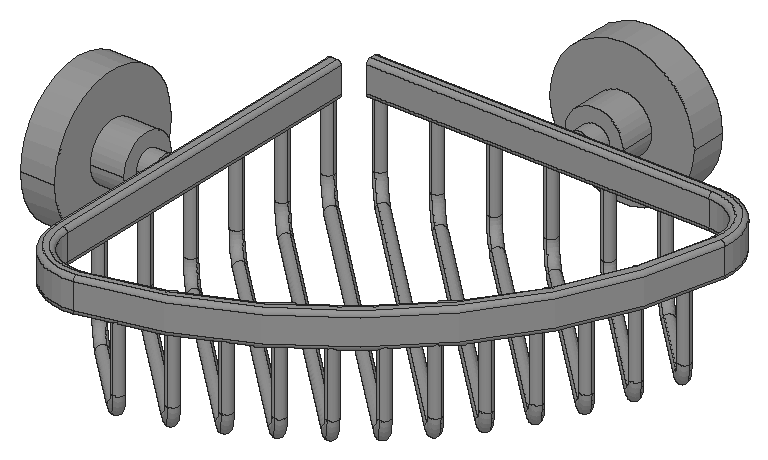
Revit family "Полка для ванной угловая хромированная", category Оборудование, Revit 2017
Family settings
  Размер круглого соединителя = Использовать диаметр
  Тип детали = Нормальный
  На основе рабочей плоскости = Нет
  Всегда вертикально = Да
  При загрузке вырезать с полостями = Нет
  Общий = Нет
  Точка расчета площади = Нет
Parameters (values of type "Тип")
  Ширина = 179.0 mm
  Примечание = ""
  Обозначение = ""
  Наименование = "Harmonie HAR 020"
  Масса = ""
  Код оборудования = ""
  Keynote = ""
  Изготовитель = "Severin"
  Завод = "Artwelle"
  Единицы = "шт."
  Группа модели = "ТХ"  # constant formula
  Глубина = 179.0 mm
  Высота = 62.0 mm
Reference planes
  plane 1 "По центру (Вперед/Назад)": y = 0
  plane 2: z = 0
  plane 3 "По центру (Влево/Вправо)": x = 0
  plane 4: x = 90
  plane 5: x = -90
  plane 6: y = -90
  plane 7: y = 90
  plane 8: y = 60
  plane 9: x = -60
  plane 10: through (-60, 60, 1200) normal (0.7071, 0.7071, 0)
  plane 11: through (-64.95, 55.05, 1200) normal (0.7071, 0.7071, 0)
  plane 12: through (-74.849, 45.151, 1200) normal (0.7071, 0.7071, 0)
  plane 13: through (-84.749, 35.251, 1200) normal (0.7071, 0.7071, 0)
  plane 14: through (-94.648, 25.352, 1200) normal (0.7071, 0.7071, 0)
  plane 15: through (-104.548, 15.452, 1200) normal (0.7071, 0.7071, 0)
  plane 16: through (-114.447, 5.553, 1200) normal (0.7071, 0.7071, 0)
  plane 17: through (37.461, -47.361, 1200) normal (-0.7071, 0.7071, 0)
  plane 18: through (26.6, -56.299, 1200) normal (-0.7071, 0.7071, 0)
  plane 19: through (14.75, -64.247, 1200) normal (-0.7071, 0.7071, 0)
  plane 20: through (1.85, -71.147, 1200) normal (-0.7071, 0.7071, 0)
  plane 21: through (-12.201, -76.895, 1200) normal (-0.7071, 0.7071, 0)
  plane 22: through (-27.568, -81.326, 1200) normal (-0.7071, 0.7071, 0)
  plane 23: x = 37.461
  plane 24: x = 26.6
  plane 25: x = 14.75
  plane 26: x = 1.85
  plane 27: x = -12.201
  plane 28: x = -27.568
  plane 29: z = 32
Forms (mm)
  Extrusion 1, solid, material "Сталь, хромированная", detail levels fine
    sketch origin (-170, 90, 1200) x (-1, 0, 0) y (0, 0, 1)
      loop
        circle (-190, -1163) r 25
    from 0 to -12
  Extrusion 2, solid, material "Сталь, хромированная", detail levels fine
    sketch origin (-170, 90, 1200) x (-1, 0, 0) y (0, 0, 1)
      loop
        circle (-190, -1163) r 10
    from -12 to -24
  Extrusion 3, solid, material "Сталь, хромированная", detail levels fine
    sketch origin (-170, 90, 1200) x (-1, 0, 0) y (0, 0, 1)
      loop
        circle (-190, -1163) r 5
    from -30 to -24
  Extrusion 4, solid, material "Сталь, хромированная", detail levels fine
    sketch origin (-90, 170, 1200) x (0, 1, 0) y (0, 0, -1)
      loop
        circle (-190, 1163) r 25
    from 0 to -12
  Extrusion 5, solid, material "Сталь, хромированная", detail levels fine
    sketch origin (-90, 170, 1200) x (0, 1, 0) y (0, 0, -1)
      loop
        circle (-190, 1163) r 10
    from -12 to -24
  Extrusion 6, solid, material "Сталь, хромированная", detail levels fine
    sketch origin (-90, 170, 1200) x (0, 1, 0) y (0, 0, -1)
      loop
        circle (-190, 1163) r 5
    from -30 to -24
  Sweep 7, solid, material "Сталь, хромированная", detail levels fine
    path origin (-64.95, 55.05, 1200) x (-0.707107, 0.707107, 0) y (0, 0, 1)
      loop
        line (-10.778, -1168) -> (-10.778, -1192)
        arc (-10.778, -1192) -> (-13.121, -1197.657) -> (-18.778, -1200) r 8
        line (-18.778, -1200) -> (-139.326, -1200)
        arc (-139.326, -1200) -> (-144.983, -1197.657) -> (-147.326, -1192) r 8
        line (-147.326, -1192) -> (-147.326, -1168)
    profile origin (-57.328, 47.429, 20) x (0.707107, 0.707107, 0) y (-0.707107, 0.707107, 0)
      loop
        circle (0, 0) r 2
  Sweep 8, solid, material "Сталь, хромированная", detail levels fine
    path origin (-74.849, 45.151, 1200) x (-0.707107, 0.707107, 0) y (0, 0, 1)
      loop
        line (-24.536, -1168) -> (-24.536, -1192)
        arc (-24.536, -1192) -> (-26.879, -1197.657) -> (-32.536, -1200) r 8
        line (-32.536, -1200) -> (-137.809, -1200)
        arc (-137.809, -1200) -> (-143.466, -1197.657) -> (-145.809, -1192) r 8
        line (-145.809, -1192) -> (-145.809, -1168)
    profile origin (-57.5, 27.801, 20) x (0.707107, 0.707107, 0) y (-0.707107, 0.707107, 0)
      loop
        circle (0, 0) r 2
  Sweep 9, solid, material "Сталь, хромированная", detail levels fine
    path origin (-84.749, 35.251, 1200) x (-0.707107, 0.707107, 0) y (0, 0, 1)
      loop
        line (-38.501, -1168) -> (-38.501, -1192)
        arc (-38.501, -1192) -> (-40.844, -1197.657) -> (-46.501, -1200) r 8
        line (-46.501, -1200) -> (-135.059, -1200)
        arc (-135.059, -1200) -> (-140.716, -1197.657) -> (-143.059, -1192) r 8
        line (-143.059, -1192) -> (-143.059, -1168)
    profile origin (-57.524, 8.027, 20) x (0.707107, 0.707107, 0) y (-0.707107, 0.707107, 0)
      loop
        circle (0, 0) r 2
  Sweep 10, solid, material "Сталь, хромированная", detail levels fine
    path origin (-94.648, 25.352, 1200) x (-0.707107, 0.707107, 0) y (0, 0, 1)
      loop
        line (-52.366, -1168) -> (-52.366, -1192)
        arc (-52.366, -1192) -> (-54.71, -1197.657) -> (-60.366, -1200) r 8
        line (-60.366, -1200) -> (-130.891, -1200)
        arc (-130.891, -1200) -> (-136.548, -1197.657) -> (-138.891, -1192) r 8
        line (-138.891, -1192) -> (-138.891, -1168)
    profile origin (-57.62, -11.677, 20) x (0.707107, 0.707107, 0) y (-0.707107, 0.707107, 0)
      loop
        circle (0, 0) r 2
  Sweep 11, solid, material "Сталь, хромированная", detail levels fine
    path origin (-104.548, 15.452, 1200) x (-0.707107, 0.707107, 0) y (0, 0, 1)
      loop
        line (-66.433, -1168) -> (-66.433, -1192)
        arc (-66.433, -1192) -> (-68.776, -1197.657) -> (-74.433, -1200) r 8
        line (-74.433, -1200) -> (-125.433, -1200)
        arc (-125.433, -1200) -> (-131.09, -1197.657) -> (-133.433, -1192) r 8
        line (-133.433, -1192) -> (-133.433, -1168)
    profile origin (-57.573, -31.523, 20) x (0.707107, 0.707107, 0) y (-0.707107, 0.707107, 0)
      loop
        circle (0, 0) r 2
  Sweep 12, solid, material "Сталь, хромированная", detail levels fine
    path origin (-114.447, 5.553, 1200) x (-0.707107, 0.707107, 0) y (0, 0, 1)
      loop
        line (-80.325, -1168) -> (-80.325, -1192)
        arc (-80.325, -1192) -> (-82.668, -1197.657) -> (-88.325, -1200) r 8
        line (-88.325, -1200) -> (-117.644, -1200)
        arc (-117.644, -1200) -> (-123.301, -1197.657) -> (-125.644, -1192) r 8
        line (-125.644, -1192) -> (-125.644, -1168)
    profile origin (-57.649, -51.245, 20) x (0.707107, 0.707107, 0) y (-0.707107, 0.707107, 0)
      loop
        circle (0, 0) r 2
  Sweep 13, solid, material "Сталь, хромированная", detail levels fine
    path origin (-55.05, 64.95, 1200) x (-0.707107, 0.707107, 0) y (0, 0, -1)
      loop
        line (-10.778, 1168) -> (-10.778, 1192)
        arc (-10.778, 1192) -> (-13.121, 1197.657) -> (-18.778, 1200) r 8
        line (-18.778, 1200) -> (-139.326, 1200)
        arc (-139.326, 1200) -> (-144.983, 1197.657) -> (-147.326, 1192) r 8
        line (-147.326, 1192) -> (-147.326, 1168)
    profile origin (-47.429, 57.328, 20) x (-0.707107, -0.707107, 0) y (0.707107, -0.707107, 0)
      loop
        circle (0, 0) r 2
  Sweep 14, solid, material "Сталь, хромированная", detail levels fine
    path origin (-45.151, 74.849, 1200) x (-0.707107, 0.707107, 0) y (0, 0, -1)
      loop
        line (-24.536, 1168) -> (-24.536, 1192)
        arc (-24.536, 1192) -> (-26.879, 1197.657) -> (-32.536, 1200) r 8
        line (-32.536, 1200) -> (-137.809, 1200)
        arc (-137.809, 1200) -> (-143.466, 1197.657) -> (-145.809, 1192) r 8
        line (-145.809, 1192) -> (-145.809, 1168)
    profile origin (-27.801, 57.5, 20) x (-0.707107, -0.707107, 0) y (0.707107, -0.707107, 0)
      loop
        circle (0, 0) r 2
  Sweep 15, solid, material "Сталь, хромированная", detail levels fine
    path origin (-35.251, 84.749, 1200) x (-0.707107, 0.707107, 0) y (0, 0, -1)
      loop
        line (-38.501, 1168) -> (-38.501, 1192)
        arc (-38.501, 1192) -> (-40.844, 1197.657) -> (-46.501, 1200) r 8
        line (-46.501, 1200) -> (-135.059, 1200)
        arc (-135.059, 1200) -> (-140.716, 1197.657) -> (-143.059, 1192) r 8
        line (-143.059, 1192) -> (-143.059, 1168)
    profile origin (-8.027, 57.524, 20) x (-0.707107, -0.707107, 0) y (0.707107, -0.707107, 0)
      loop
        circle (0, 0) r 2
  Sweep 16, solid, material "Сталь, хромированная", detail levels fine
    path origin (-25.352, 94.648, 1200) x (-0.707107, 0.707107, 0) y (0, 0, -1)
      loop
        line (-52.366, 1168) -> (-52.366, 1192)
        arc (-52.366, 1192) -> (-54.71, 1197.657) -> (-60.366, 1200) r 8
        line (-60.366, 1200) -> (-130.891, 1200)
        arc (-130.891, 1200) -> (-136.548, 1197.657) -> (-138.891, 1192) r 8
        line (-138.891, 1192) -> (-138.891, 1168)
    profile origin (11.677, 57.62, 20) x (-0.707107, -0.707107, 0) y (0.707107, -0.707107, 0)
      loop
        circle (0, 0) r 2
  Sweep 17, solid, material "Сталь, хромированная", detail levels fine
    path origin (-15.452, 104.548, 1200) x (-0.707107, 0.707107, 0) y (0, 0, -1)
      loop
        line (-66.433, 1168) -> (-66.433, 1192)
        arc (-66.433, 1192) -> (-68.776, 1197.657) -> (-74.433, 1200) r 8
        line (-74.433, 1200) -> (-125.433, 1200)
        arc (-125.433, 1200) -> (-131.09, 1197.657) -> (-133.433, 1192) r 8
        line (-133.433, 1192) -> (-133.433, 1168)
    profile origin (31.523, 57.573, 20) x (-0.707107, -0.707107, 0) y (0.707107, -0.707107, 0)
      loop
        circle (0, 0) r 2
  Sweep 18, solid, material "Сталь, хромированная", detail levels fine
    path origin (-5.553, 114.447, 1200) x (-0.707107, 0.707107, 0) y (0, 0, -1)
      loop
        line (-80.325, 1168) -> (-80.325, 1192)
        arc (-80.325, 1192) -> (-82.668, 1197.657) -> (-88.325, 1200) r 8
        line (-88.325, 1200) -> (-117.644, 1200)
        arc (-117.644, 1200) -> (-123.301, 1197.657) -> (-125.644, 1192) r 8
        line (-125.644, 1192) -> (-125.644, 1168)
    profile origin (51.245, 57.649, 20) x (-0.707107, -0.707107, 0) y (0.707107, -0.707107, 0)
      loop
        circle (0, 0) r 2
  Sweep 19, solid, material "Сталь, хромированная"
    path in 3D
      loop
        line (-60, 50, 0) -> (-60, -68.452, 0)
        arc (-60, -68.452, 0) -> (-53.009, -83.643, 0) -> (-36.923, -88.214, 0) r 20
        arc (-36.923, -88.214, 0) -> (46.066, -46.066, 0) -> (88.214, 36.923, 0) r 150
        arc (88.214, 36.923, 0) -> (83.643, 53.009, 0) -> (68.452, 60, 0) r 20
        line (68.452, 60, 0) -> (-50, 60, 0)
    profile origin (9.226, 60, 0) x (0, -1, 0) y (0, 0, 1)
      loop
        arc (0, 31.5) -> (0.439, 30.439) -> (1.5, 30) r 1.5
        line (1.5, 30) -> (3.5, 30)
        arc (3.5, 30) -> (4.561, 30.439) -> (5, 31.5) r 1.5
        line (5, 31.5) -> (5, 40.5)
        arc (5, 40.5) -> (4.561, 41.561) -> (3.5, 42) r 1.5
        line (3.5, 42) -> (1.5, 42)
        arc (1.5, 42) -> (0.439, 41.561) -> (0, 40.5) r 1.5
        line (0, 40.5) -> (0, 31.5)
Lines and regions (mm)
  symbolic lines, detail levels coarse+medium
    curve 1: line (-5, 90, 0) -> (45, 90, 0)
    curve 2: line (-5, 78, 0) -> (-5, 90, 0)
    curve 3: line (45, 78, 0) -> (-5, 78, 0)
    curve 4: line (45, 90, 0) -> (45, 78, 0)
    curve 5: line (30, 66, 0) -> (10.019, 66, 0)
    curve 6: line (30, 78, 0) -> (30, 66, 0)
    curve 7: line (10.019, 78, 0) -> (30, 78, 0)
    curve 8: line (10.019, 66, 0) -> (10.019, 78, 0)
    curve 9: line (25, 60, 0) -> (14.936, 60, 0)
    curve 10: line (25, 66, 0) -> (25, 60, 0)
    curve 11: line (14.936, 66, 0) -> (25, 66, 0)
    curve 12: line (14.936, 60, 0) -> (14.936, 66, 0)
    curve 13: line (-90, 5, 0) -> (-78, 5, 0)
    curve 14: line (-90, -45, 0) -> (-90, 5, 0)
    curve 15: line (-78, -45, 0) -> (-90, -45, 0)
    curve 16: line (-78, 5, 0) -> (-78, -45, 0)
    curve 17: line (-66, -30, 0) -> (-78, -30, 0)
    curve 18: line (-66, -10.226, 0) -> (-66, -30, 0)
    curve 19: line (-78, -10.226, 0) -> (-66, -10.226, 0)
    curve 20: line (-78, -30, 0) -> (-78, -10.226, 0)
    curve 21: line (-60, -25, 0) -> (-66, -25, 0)
    curve 22: line (-60, -14.986, 0) -> (-60, -25, 0)
    curve 23: line (-66, -14.986, 0) -> (-60, -14.986, 0)
    curve 24: line (-66, -25, 0) -> (-66, -14.986, 0)
    curve 25: line (68.452, 60, 0) -> (-50, 60, 0)
    curve 26: line (-50, 60, 0) -> (-50, 55, 0)
    curve 27: line (-50, 55, 0) -> (68.452, 55, 0)
    curve 28: arc (68.452, 55, 0) -> (79.846, 49.757, 0) -> (83.274, 37.692, 0) r 15
    curve 29: arc (83.274, 37.692, 0) -> (42.53, -42.53, 0) -> (-37.692, -83.274, 0) r 145
    curve 30: arc (-37.692, -83.274, 0) -> (-49.757, -79.846, 0) -> (-55, -68.452, 0) r 15
    curve 31: line (-55, -68.452, 0) -> (-55, 50, 0)
    curve 32: line (-55, 50, 0) -> (-60, 50, 0)
    curve 33: line (-60, 50, 0) -> (-60, -68.452, 0)
    curve 34: arc (-60, -68.452, 0) -> (-53.009, -83.643, 0) -> (-36.923, -88.214, 0) r 20
    curve 35: arc (-36.923, -88.214, 0) -> (46.066, -46.066, 0) -> (88.214, 36.923, 0) r 150
    curve 36: arc (88.214, 36.923, 0) -> (83.643, 53.009, 0) -> (68.452, 60, 0) r 20
    curve 37: line (-55, 45.101, 0) -> (37.461, -47.361, 0)
    curve 38: line (-55, 5.503, 0) -> (14.75, -64.247, 0)
    curve 39: line (-55, -34.095, 0) -> (-12.201, -76.895, 0)
    curve 40: line (-45.101, 55, 0) -> (47.361, -37.461, 0)
    curve 41: line (-5.503, 55, 0) -> (64.247, -14.75, 0)
    curve 42: line (34.095, 55, 0) -> (76.895, 12.201, 0)
  sketch lines
    curve 43: line (68.452, 60, 0) -> (-50, 60, 0)
    curve 44: arc (88.214, 36.923, 0) -> (83.643, 53.009, 0) -> (68.452, 60, 0) r 20
    curve 45: arc (88.214, 36.923, 0) -> (46.066, -46.066, 0) -> (-36.923, -88.214, 0) r 150
    curve 46: arc (-36.923, -88.214, 0) -> (-53.009, -83.643, 0) -> (-60, -68.452, 0) r 20
    curve 47: line (-60, 50, 0) -> (-60, -68.452, 0)
  symbolic lines, style "InvisibleLines", detail levels coarse+medium
    curve 48: line (-90, 5, 0) -> (-90, 90, 0)
    curve 49: line (-90, 90, 0) -> (-5, 90, 0)
Dimensions and locks
  aligned and locked: level to plane 2
